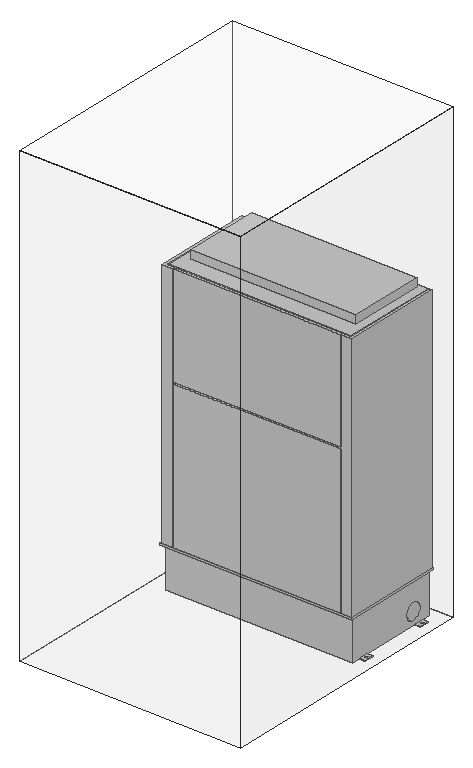
Revit family "pfav-p280_560dmwj_50Hz", category 機械設備, Revit 2019
Family settings
  丸型コネクタ寸法 = 直径を使用
  パーツ タイプ = 標準
  OmniClass 番号 = 23.75.10.24.21.27.27
  OmniClass タイトル = Split System Air Conditioning Units
  作業面ベース = いいえ
  常に垂直 = はい
  ロード時にボイドで切り取り = いいえ
  共有 = いいえ
  部屋計算ポイント = いいえ
Parameters (values of type "PFAV-P280DMWJ")
  風量（m3／min） = 70
  風量 = MAX風量  # 4200 m³/h
  音響パワーレベル(dB) = 68
  電源種別 = ""
  電圧_電気ヒーター = 0 V
  電圧 = 200 V
  電動機出力_送風機 = 1200.000 W
  電動機出力_圧縮機 = 6460.000 W
  運転質量 = 0.00 kg
  連動 = ""
  質量 = if(製品質量 > 運転質量, 製品質量, 運転質量) * 1.2  # 286.80 kg
  負荷分類 = 3_ファン類
  説明 = "設備用パッケージエアコン 空冷床置形・冷暖兼用 ユニット内洗浄可能シリーズ"
  設計暖房能力 [instance] = 0 kW
  設計冷房能力_顕熱 [instance] = 0 kW
  設計冷房能力 [instance] = 0 kW
  設置方法 = "床置立形"
  記号 [instance] = ""
  製造元 = "三菱電機株式会社"
  製品質量 = 239.00 kg
  製品出荷対象 = "国内"
  製品リリース年月 = "2023年06月30日"
  製品グループ = ""
  系統 [instance] = ""
  符号 = "PAC-FRV"
  積算_科目 = "1 空気調和設備"
  積算_拾い区分 [instance] = ""
  相 = 3
  盤記号 [instance] = ""
  発停方法 = ""
  特殊仕様 [instance] = ""
  火災停止 = ""
  消費電力_電気ヒーター = 0.000 W
  消費電力_暖房 = 490.000 W
  消費電力_加湿器 = 0.000 W
  消費電力_冷房 = 490.000 W
  消費電力 = if(消費電力_冷房 > 消費電力_暖房, 消費電力_冷房, 消費電力_暖房) + 消費電力_加湿器 + 消費電力_電気ヒーター  # 490.000 W
  法定耐用年数 = "15"
  機械基礎質量 [instance] = 0.00 kg
  機械基礎_W = 0.00 mm
  機械基礎_H = 0.00 mm
  機械基礎_D = 0.00 mm
  機械基礎 [instance] = no
  機外静圧 = 30.0 Pa
  極数 = 3
  材質 [instance] = ""
  本体マテリアル = none
  有効加湿量 = 0
  最小電線太さ_mm = 1.6
  最大電流値 = 4.7 A
  暖房能力 = 28 kW
  推奨ブレーカー容量 = 15 A
  形式_加湿器 = ""
  形式 = "床置（露出）立形"
  形名 = PFAV-P-DMWJ : PFAV-P280DMWJ
  幹線記号 [instance] = ""
  始動方式 = "直入"
  呼称 = "パッケージ形空気調和機_室内機"
  周波数 = 50 Hz
  台数_手元リモコン [instance] = ""
  台数_冷媒分岐ユニット [instance] = ""
  参照している仕様書等のバージョン = "公共建築工事標準仕様書（機械設備工事編）平成31年度版"
  加湿給水管径 = 0.00 mm
  分類コード = "50053003020020"
  分類グループ = ""
  冷房能力 = 25 kW
  冷媒高低圧ガス管径 = 0.00 mm
  冷媒管径符号 = "Bf"
  冷媒管径 = 100.00 mm
  冷媒液管径 = 9.52 mm
  冷媒ガス管径 = 22.20 mm
  価格 = 0
  企業コード = "108420"
  付属品_フィルター = ""
  付属品 [instance] = ""
  仕様書バージョン = "Version1.0"
  モデル = "PFAV-P280DMWJ"
  ドレン管径 = 48.60 mm
  ダクト高 = 484 mm
  ダクト幅 = 1050 mm
  サービススペース = yes
  コメント [instance] = ""
  Keynote = ""
  Width = 1200.00 mm
  Version = ""
  Uniclass2015Version = "Systems v1.9"
  Uniclass2015Title = "Split coil remote air cooled condensing units"
  Uniclass2015Code = "Pr_70_65_03_84"
  URL = "https://www.mitsubishielectric.co.jp/ldg/wink/ssl/displayProduct.do?pid=326773&ccd"
  S寸法 = 150.00 mm
  SpecificationReference = ""
  SpecificationDescription = ""
  Revision = ""
  ProductInformation = ""
  OmniClassCode = "23-33 17 13 11"
  MAX風量 = 風量（m3／min） * 60 m³/h  # 4200 m³/h
  IfcTypeProduct = ""
  IfcProduct = ""
  IfcExportType = "AIRCONDITIONINGUNIT"
  IfcExportAs = "IfcUnitaryEquipmentType"
  Height = 1900.00 mm
  Depth = 635.00 mm
  Clearance Top = 1000.00 mm
  Clearance Right = 100.00 mm
  Clearance Left = 100.00 mm
  Clearance Front = 1000.00 mm
  Clearance Back = 50.00 mm
  COP = 0
  Author = "三菱電機株式会社"
  APF = 0
Types (2, lengths in mm): name | 風量（m3／min） | 風量 | 音響パワーレベル(dB) | 電動機出力_送風機 | 電動機出力_圧縮機 | 質量 | 製品質量 | 消費電力_暖房 | 消費電力_冷房 | 消費電力 | 最大電流値 | 暖房能力 | 形名 | 冷房能力 | 冷媒管径符号 | 冷媒液管径 | 冷媒ガス管径 | モデル | ダクト高 | ダクト幅 | Width | URL | MAX風量
  PFAV-P280DMWJ | 70 | 4200 m³/h | 68 | 1200.000 W | 6460.000 W | 286.80 kg | 239.00 kg | 490.000 W | 490.000 W | 490.000 W | 4.7 A | 28 kW | PFAV-P-DMWJ : PFAV-P280DMWJ | 25 kW | "Bf" | 9.52 | 22.20 | "PFAV-P280DMWJ" | 484 | 1050 | 1200.00 | "https://www.mitsubishielectric.co.jp/ldg/wink/ssl/displayProduct.do?pid=326773&ccd" | 4200 m³/h
  PFAV-P560DMWJ | 165 | 9900 m³/h | 76 | 2400.000 W | 12700.000 W | 404.40 kg | 337.00 kg | 1580.000 W | 1580.000 W | 1580.000 W | 8.7 A | 56 kW | PFAV-P-DMWJ : PFAV-P560DMWJ | 50 kW | "Dh" | 15.88 | 28.58 | "PFAV-P560DMWJ" | 485 | 1257 | 1720.00 | "https://www.mitsubishielectric.co.jp/ldg/wink/ssl/displayProduct.do?pid=326774&ccd" | 9900 m³/h
Reference planes
  plane 1: z = 0
  plane 2 "上": z = 1802
  plane 3: z = 1900
  plane 4: z = 0
  plane 5: z = 2900
  plane 6 "中心(正面/背面)": y = -317.5
  plane 7 "中心(左/右)": x = 0
  plane 8 "左": x = -600
  plane 9 "右": x = 600
  plane 10 "正面": y = -635
  plane 11 "背面": y = 0
  plane 12: y = 150
  plane 13: x = -750
  plane 14: y = -785
  plane 15: y = 50
  plane 16: y = -1635
  plane 17: x = -700
  plane 18: x = 700
  plane 19: x = 750
Dimensions and locks
  locked: plane 3 to plane 2 "上" at 98
  "Height": plane 3 to plane 4
  "Clearance Top": plane 5 to plane 3
  "機械基礎_H": plane 4 to plane 1
  equal spacing: plane 8 "左", plane 7 "中心(左/右)", plane 9 "右"
  "Width": plane 8 "左" to plane 9 "右"
  equal spacing: plane 10 "正面", plane 6 "中心(正面/背面)", plane 11 "背面"
  "Depth": plane 10 "正面" to plane 11 "背面"
  "Clearance Left": plane 17 to plane 8 "左"
  "Clearance Right": plane 9 "右" to plane 18
  "Clearance Front": plane 16 to plane 10 "正面"
  "Clearance Back": plane 11 "背面" to plane 15
  aligned and locked: level to plane 1
  aligned and locked: plane 18 to nested 1
  aligned and locked: plane 16 to nested 1
  aligned and locked: nested 1 to plane 17
  aligned and locked: nested 1 to plane 15
  aligned and locked: plane 7 "中心(左/右)" to nested 2
  aligned and locked: plane 6 "中心(正面/背面)" to nested 2
  aligned and locked: plane 5 to nested 1
  aligned and locked: plane 4 to nested 2
Nested families
  nested 1: "サービススペース（pfav-p224_560dme3）" at (0, -792.5, 1450), visible <- "サービススペース", type "サービススペース（pfav-p224_560dme3）"
    with Width 1400.00 mm, Height 2900.00 mm, Depth 1685.00 mm
  nested 2: "PFAV-P-DMWJ" at (0, -317.5, 0), マテリアル1 <- "本体マテリアル", type <- "形名", type "PFAV-P280DMWJ"
    with 表示 yes, マテリアル2 none, マテリアル1 none
Connectors
  piping at (593.5, -138, 81.5), diameter 100, driven by "冷媒管径", driven by "冷媒管径符号"
    settings: on nested 2, index 3, connector inside diameter 609.60 mm, connector length 0.00 mm, flow factor 0, pipe flow 0.0 L/s, pressure drop 0.0 Pa, fitting loss kfactor 0, connector angle 0.00°, fixture units 0, engagement length 0.00 mm, angle of deflection 0.00°, flow configuration 1, flow direction 1, fitting loss method 4, system type 7, joint type 0, gender type 0, connector reference index -1, connector utility 0, adjustable connector no, is connector primary yes, connector description "Bf"
  electrical at (600, -317.5, 1055), driven by "極数", driven by "負荷分類", driven by "電圧", driven by "消費電力"
    settings: on nested 2, index 6, voltage 200 V, apparent load 490 VA, apparent load phase1 0 VA, apparent load phase2 0 VA, apparent load phase3 0 VA, power factor 1, load classification "3_ファン類", number of poles 3, system type 30, power factor state 1, is connector primary yes, connector utility no, sub classification motor no, connector description ""
  hvac at (0, -262, 1900), driven by "ダクト幅", driven by "ダクト高", driven by "風量", driven by "機外静圧"
    settings: on nested 2, index 7, duct flow 4200 m³/h, flow factor 0, pres drop 30.0 Pa, loss coef 0, conn angle 0.00°, conn width 484 mm, conn height 1050 mm, conn diameter 609.6 mm, duct sys type 1, conn prof type 1, flow config 1, flow direction 2, loss method 4, conn ref index -1, conn util no, is conn primary yes, conn desc ""
  piping at (-593.5, -138, 81.5), diameter 100, driven by "冷媒管径符号", driven by "冷媒管径"
    settings: on nested 2, index 9, connector inside diameter 609.60 mm, connector length 0.00 mm, flow factor 0, pipe flow 0.0 L/s, pressure drop 0.0 Pa, fitting loss kfactor 0, connector angle 0.00°, fixture units 0, engagement length 0.00 mm, angle of deflection 0.00°, flow configuration 1, flow direction 1, fitting loss method 4, system type 7, joint type 0, gender type 0, connector reference index -1, connector utility 0, adjustable connector no, is connector primary no, connector description "Bf"
  piping at (-593.5, -310, 109), diameter 48.6, driven by "ドレン管径"
    settings: on nested 2, index 10, connector inside diameter 609.60 mm, connector length 0.00 mm, flow factor 0, pipe flow 0.0 L/s, pressure drop 0.0 Pa, fitting loss kfactor 0, connector angle 0.00°, fixture units 0, engagement length 0.00 mm, angle of deflection 0.00°, flow configuration 1, flow direction 2, fitting loss method 4, system type 16, joint type 0, gender type 0, connector reference index -1, connector utility 0, adjustable connector no, is connector primary no, connector description ""
Definition of nested family "サービススペース（pfav-p224_560dme3）"
  Parameters (values of type "サービススペース")
    Width [instance] = 500.00 mm
    Height [instance] = 500.00 mm
    Depth [instance] = 500.00 mm
  Reference planes
    plane 1 "中心(正面/背面)": y = 0
    plane 2: z = 0
    plane 3 "中心(左/右)": x = 0
    plane 4: y = -250
    plane 5: x = 250
    plane 6: y = 250
    plane 7: x = -250
    plane 8: z = 250
    plane 9: z = -250
  Forms (mm)
    Extrusion 1, solid
      sketch origin (-638.939, 0, 72.39) x (1, 0, 0) y (0, 1, 0)
        loop
          line (388.939, 250) -> (388.939, -250) -> (888.939, -250) -> (888.939, 250) -> (388.939, 250)
      from -322.39 to 177.61
  Lines and regions (mm)
    symbolic lines
      curve 1: line (-250, 0, 250) -> (250, 0, 250)
      curve 2: line (-250, 0, -250) -> (-250, 0, 250)
      curve 3: line (250, 0, -250) -> (-250, 0, -250)
      curve 4: line (250, 0, 250) -> (250, 0, -250)
      curve 5: line (0, -250, 250) -> (0, 250, 250)
      curve 6: line (0, -250, -250) -> (0, -250, 250)
      curve 7: line (0, 250, -250) -> (0, -250, -250)
      curve 8: line (0, 250, 250) -> (0, 250, -250)
      curve 9: line (-250, 250, 0) -> (250, 250, 0)
      curve 10: line (-250, -250, 0) -> (-250, 250, 0)
      curve 11: line (250, -250, 0) -> (-250, -250, 0)
      curve 12: line (250, 250, 0) -> (250, -250, 0)
  Dimensions and locks
    equal spacing: plane 7, plane 3 "中心(左/右)", plane 5
    equal spacing: plane 4, plane 1 "中心(正面/背面)", plane 6
    "Depth": plane 4 to plane 6
    "Width": plane 7 to plane 5
    equal spacing: plane 8, plane 2, plane 9
    "Height": plane 8 to plane 9
    aligned and locked: plane 9 to curve 3
    aligned and locked: plane 7 to curve 2
    aligned and locked: curve 4 to plane 5
    aligned and locked: plane 5 to Extrusion 1
    aligned and locked: Extrusion 1 to plane 7
    aligned and locked: Extrusion 1 to plane 9
    aligned and locked: plane 8 to Extrusion 1
    aligned and locked: plane 9 to curve 7
  Automatic sketch dimensions
    plane 4 to Extrusion 1 sketch curve = 0.00 mm
    Extrusion 1 sketch curve to plane 7 = 0.00 mm
    Extrusion 1 sketch curve to plane 5 = 0.00 mm
    plane 6 to Extrusion 1 sketch curve = 0.00 mm
    curve 2 to plane 8 = 0.00 mm
    plane 4 to curve 11 = 0.00 mm
    curve 11 to plane 7 = 0.00 mm
    curve 11 to plane 5 = 0.00 mm
    plane 6 to curve 10 = 0.00 mm
    curve 7 to plane 4 = 0.00 mm
    curve 7 to plane 6 = 0.00 mm
    curve 6 to plane 8 = 0.00 mm
Definition of nested family "PFAV-P-DMWJ"
  Parameters (values of type "PFAV-P280DMWJ")
    液径 = 9.52 mm
    液-W = 0.00 mm
    液-H = 225.00 mm
    液-D = 185.00 mm
    高 = 1850.00 mm
    電源径 = 43.00 mm
    電源-W = 0.00 mm
    電源-H = 90.00 mm
    電源-D = 385.00 mm
    表示 [instance] = yes
    最外形-幅 = 1261.00 mm
    幅 = 1200.00 mm
    奥行 = 635.00 mm
    吊りボルト径 = 14.00 mm
    吊りボルト-W = 1230.00 mm
    吊りボルト-D = 440.00 mm
    吊りボルト-H = 0.00 mm
    加湿給水管径 = 27.00 mm
    加湿給水-W = 365.00 mm
    加湿給水-H = 520.00 mm
    加湿給水-D = 0.00 mm
    冷媒径 = 100.00 mm
    ガス径 = 19.05 mm
    ガス-W = 0.00 mm
    ガス-H = 215.00 mm
    ガス-D = 107.00 mm
    マテリアル2 [instance] = none
    マテリアル1 [instance] = none
    ドレン径 = 48.60 mm
    ドレン-W = 0.00 mm
    ドレン-H = 117.00 mm
    ドレン-D = 310.00 mm
    w = 1050.00 mm
    h = 50.00 mm
    d = 484.00 mm
    b = 75.00 mm
    a = 19.00 mm
    P560 = no
    P280 = yes
  Types (2, lengths in mm): name | 液径 | 液-H | 液-D | 電源径 | 電源-H | 電源-D | 最外形-幅 | 幅 | 吊りボルト-W | 加湿給水-W | 加湿給水-H | ガス径 | ガス-H | ガス-D | w | d | b | a | P560 | P280
    PFAV-P560DMWJ | 12.70 | 296.00 | 118.00 | 52.00 | 100.00 | 530.00 | 1781.00 | 1720.00 | 1750.00 | 438.00 | 680.00 | 28.58 | 296.00 | 238.00 | 1257.00 | 485.00 | 82.00 | 21.00 | yes | no
    PFAV-P280DMWJ | 9.52 | 225.00 | 185.00 | 43.00 | 90.00 | 385.00 | 1261.00 | 1200.00 | 1230.00 | 365.00 | 520.00 | 19.05 | 215.00 | 107.00 | 1050.00 | 484.00 | 75.00 | 19.00 | no | yes
  Reference planes
    plane 1 "中心(正面/背面)": y = 0
    plane 2: z = 0
    plane 3 "中心(左/右)": x = 0
    plane 4: x = 600
    plane 5: x = -600
    plane 6: y = 317.5
    plane 7: y = -317.5
    plane 8: z = 1900
    plane 9: z = 1850
    plane 10: z = 260
    plane 11: y = 235.5
    plane 12: x = 615
    plane 13: x = -615
    plane 14: y = -237.5
    plane 15: z = 117
    plane 16: z = 90
    plane 17: y = 132.5
    plane 18: z = 225
    plane 19: z = 215
    plane 20: x = 580
    plane 21: x = -580
    plane 22: y = -297.5
    plane 23: x = -530
    plane 24: x = 530
    plane 25: y = -314.5
    plane 26: y = 297.5
    plane 27: z = 5
    plane 28: x = 525
    plane 29: x = -525
    plane 30: y = -206.5
    plane 31: y = -186.5
    plane 32: y = 7.5
    plane 33: y = -67.5
    plane 34: x = 603
    plane 35: y = 171.5
    plane 36: z = 220
    plane 37: y = -47.5
    plane 38: z = 1200
    plane 39: z = 1210
    plane 40: x = -590.5
    plane 41: x = 590.5
    plane 42: x = -630.5
    plane 43: x = 630.5
    plane 44: y = 310
    plane 45: y = -296
    plane 46: y = 179.5
    plane 47: z = 81.5
    plane 48 "ドレン": z = 160
    plane 49 "58": y = -248
    plane 50 "60": y = -188
    plane 51 "380": y = 192
    plane 52: y = -229.5
    plane 53: y = 222
    plane 54: y = 252
    plane 55 "吹き出し-P280_1": x = -492
    plane 56 "吹き出し-P280_2": x = 492
    plane 57 "吹き出し-P560_2": x = 806
    plane 58 "吹き出し-P560_1": x = -736
    plane 59: y = -218
    plane 60 "6-L": x = -606
    plane 61 "6-R": x = 606
    plane 62: z = 270
    plane 63: y = 7.5
  Forms (mm)
    Extrusion 1, solid, material <- "マテリアル1", visible <- "表示", detail levels fine
      sketch origin (0, 0, -400) x (1, 0, 0) y (0, 1, 0)
        loop
          line (530, -297.5) -> (-530, -297.5) -> (-530, -317.5) -> (530, -317.5) -> (530, -297.5)
      from 1610 to 2250
    Extrusion 2, solid, material <- "マテリアル1", visible <- "表示", detail levels fine
      sketch origin (0, 0, -800) x (1, 0, 0) y (0, 1, 0)
        loop
          line (-530, -317.5) -> (530, -317.5) -> (530, -297.5) -> (-530, -297.5) -> (-530, -317.5)
      from 1060 to 2000
    Extrusion 3, solid, material <- "マテリアル2", visible <- "表示", detail levels fine
      sketch origin (0, 0, 0) x (1, 0, 0) y (0, 1, 0)
        loop
          line (590.5, 252) -> (590.5, 192) -> (630.5, 192) -> (630.5, 252) -> (590.5, 252)
        loop
          line (590.5, -188) -> (590.5, -248) -> (630.5, -248) -> (630.5, -188) -> (590.5, -188)
        loop
          line (-630.5, 252) -> (-630.5, 192) -> (-590.5, 192) -> (-590.5, 252) -> (-630.5, 252)
        loop
          line (-630.5, -188) -> (-630.5, -248) -> (-590.5, -248) -> (-590.5, -188) -> (-630.5, -188)
        loop
          circle (-615, 222) r 7
        loop
          circle (615, 222) r 7
        loop
          circle (615, -218) r 7
        loop
          circle (-615, -218) r 7
      from 0 to 5
    Extrusion 4, solid, material <- "マテリアル2", visible <- "表示", detail levels fine
      sketch origin (0, -1140, 0) x (0, -1, 0) y (1, 0, 0)
        loop
          line (-1437.5, 525) -> (-1437.5, -525) -> (-953.5, -525) -> (-953.5, 525) -> (-1437.5, 525)
      from 1850 to 1900
    Extrusion 5, solid, material <- "マテリアル1", visible <- "表示", detail levels fine
      sketch origin (-1437.329, -1524, 1900) x (-1, 0, 0) y (0, -1, 0)
        loop
          line (-837.329, -1841.5) -> (-837.329, -1206.5) -> (-907.329, -1206.5) -> (-907.329, -1226.5) -> (-857.329, -1226.5) -> (-857.329, -1841.5) -> (-837.329, -1841.5)
        loop
          line (-2017.329, -1841.5) -> (-2017.329, -1226.5) -> (-1967.329, -1226.5) -> (-1967.329, -1206.5) -> (-2037.329, -1206.5) -> (-2037.329, -1841.5) -> (-2017.329, -1841.5)
      from -1640 to -50
    Extrusion 6, solid, material <- "マテリアル1", visible <- "表示", detail levels fine
      sketch origin (-1437.329, -1524, 1900) x (-1, 0, 0) y (0, -1, 0)
        loop
          line (-2017.329, -1841.5) -> (-857.329, -1841.5) -> (-857.329, -1226.5) -> (-2017.329, -1226.5) -> (-2017.329, -1841.5)
      from -1640 to -50
    Extrusion 7, solid, material <- "マテリアル2", visible <- "表示", detail levels fine
      sketch origin (-1437.329, -1524, 1900) x (-1, 0, 0) y (0, -1, 0)
        loop
          line (-846.829, -1834) -> (-846.829, -1228) -> (-2027.829, -1228) -> (-2027.829, -1834) -> (-846.829, -1834)
      from -1900 to -1640
    Extrusion 8, solid, material <- "マテリアル1", visible <- "表示", detail levels fine
      sketch origin (590.5, -296, 1900) x (0, 1, 0) y (0, 0, 1)
        loop
          circle (475.5, -1818.5) r 50
      from 0 to 3
    Extrusion 9, solid, detail levels fine
      sketch origin (-590.5, 310, 1900) x (0, -1, 0) y (0, 0, 1)
        loop
          circle (130.5, -1818.5) r 50
      from 0 to 3
    Extrusion 10, solid, detail levels fine
      sketch origin (-1437.329, -1524, 260) x (-1, 0, 0) y (0, -1, 0)
        loop
          line (-831.329, -1847.5) -> (-831.329, -1200.5) -> (-2043.329, -1200.5) -> (-2043.329, -1847.5) -> (-831.329, -1847.5)
      from 0 to 10
    Extrusion 11, solid, detail levels fine
      sketch origin (-590.5, 310, 1892) x (0, -1, 0) y (0, 0, 1)
        loop
          circle (302.5, -1783) r 24.3
      from 0 to 3
  Lines and regions (mm)
    Masking region 1, visible <- "表示", detail levels coarse+medium
      outline origin (0, 0, 0) x (1, 0, 0) y (0, 1, 0)
        loop
          line (-600, 317.5) -> (-600, -317.5) -> (600, -317.5) -> (600, 317.5) -> (-600, 317.5)
    symbolic lines, visible <- "表示"
      curve 1: line (-600, 317.5, 1900) -> (-600, -317.5, 1900)
      curve 2: line (-600, -317.5, 1900) -> (600, -317.5, 1900)
      curve 3: line (600, -317.5, 1900) -> (600, 317.5, 1900)
      curve 4: line (600, 317.5, 1900) -> (-600, 317.5, 1900)
    model lines, visible <- "表示", detail levels fine
      curve 5: line (530, -317.5, 427) -> (-530, -317.5, 427)
      curve 6: line (530, -317.5, 488) -> (-530, -317.5, 488)
      curve 7: line (530, -317.5, 549) -> (-530, -317.5, 549)
      curve 8: line (530, -317.5, 610) -> (-530, -317.5, 610)
      curve 9: line (530, -317.5, 671) -> (-530, -317.5, 671)
      curve 10: line (530, -317.5, 732) -> (-530, -317.5, 732)
      curve 11: line (530, -317.5, 793) -> (-530, -317.5, 793)
      curve 12: line (530, -317.5, 854) -> (-530, -317.5, 854)
      curve 13: line (530, -317.5, 915) -> (-530, -317.5, 915)
      curve 14: line (530, -317.5, 976) -> (-530, -317.5, 976)
      curve 15: line (530, -317.5, 1037) -> (-530, -317.5, 1037)
      curve 25: line (530, -317.5, 366) -> (-530, -317.5, 366)
    model lines, visible <- "P560", detail levels fine
      curve 16: line (-476, -317.5, 1037) -> (-476, -317.5, 366)
      curve 17: line (-292, -317.5, 1037) -> (-292, -317.5, 366)
      curve 18: line (-108, -317.5, 1037) -> (-108, -317.5, 366)
      curve 19: line (76, -317.5, 1037) -> (76, -317.5, 366)
      curve 20: line (260, -317.5, 1037) -> (260, -317.5, 366)
      curve 21: line (444, -317.5, 1037) -> (444, -317.5, 366)
      curve 22: line (628, -317.5, 1037) -> (628, -317.5, 366)
      curve 23: line (812, -317.5, 1037) -> (812, -317.5, 366)
      curve 24: line (996, -317.5, 1037) -> (996, -317.5, 366)
    model lines, visible <- "P280", detail levels fine
      curve 26: line (-492, -317.5, 1037) -> (-492, -317.5, 366)
      curve 27: line (-295.2, -317.5, 1037) -> (-295.2, -317.5, 366)
      curve 28: line (-98.4, -317.5, 1037) -> (-98.4, -317.5, 366)
      curve 29: line (98.4, -317.5, 1037) -> (98.4, -317.5, 366)
      curve 30: line (295.2, -317.5, 1037) -> (295.2, -317.5, 366)
      curve 31: line (492, -317.5, 1037) -> (492, -317.5, 366)
  Dimensions and locks
    equal spacing: plane 7, plane 1 "中心(正面/背面)", plane 6
    "奥行": plane 7 to plane 6
    equal spacing: plane 5, plane 3 "中心(左/右)", plane 4
    "幅": plane 5 to plane 4
    locked: plane 10 to level at 260
    equal spacing: plane 13, plane 3 "中心(左/右)", plane 12
    "吊りボルト-W": plane 13 to plane 12
    locked: plane 7 to plane 14 at 80
    "ドレン-H": plane 15 to level
    "電源-H": plane 16 to level
    "液-H": plane 18 to level
    "ガス-H": plane 19 to level
    "h": plane 8 to plane 9
    locked: plane 5 to plane 21 at 20
    locked: plane 20 to plane 4 at 20
    locked: plane 7 to plane 22 at 20
    locked: plane 7 to plane 25 at 3
    locked: plane 27 to level at 5
    locked: plane 30 to plane 31 at 20
    "d": plane 31 to plane 26
    "高": plane 9 to level
    "液-D": plane 17 to plane 6
    "ドレン-D": plane 32 to plane 6
    "電源-D": plane 33 to plane 6
    locked: plane 4 to plane 34 at 3
    plane 17 to plane 35 = 39.00 mm
    equal spacing: plane 18, plane 36, plane 19
    "加湿給水-W": plane 37 to plane 6
    "最外形-幅": plane 42 to plane 43
    equal spacing: plane 42, plane 3 "中心(左/右)", plane 43
    "b": plane 28 to plane 4
    "w": plane 29 to plane 28
    locked: plane 24 to plane 20 at 50
    locked: plane 21 to plane 23 at 50
    equal spacing: curve 16, curve 17, curve 18, curve 19, curve 20, curve 21, curve 22, curve 23, curve 24
    equal spacing: curve 26, curve 27, curve 28, curve 29, curve 30, curve 31
    plane 11 to plane 6 = 82.00 mm
    locked: plane 42 to plane 60 "6-L" at 24.5
    locked: plane 61 "6-R" to plane 43 at 24.5
    Extrusion 7 to Extrusion 7 = 606.00 mm
    "吊りボルト径": diameter of Extrusion 3 sketch curve  (x4)
    "冷媒径": diameter of Extrusion 8 sketch curve
    diameter of Extrusion 9 sketch curve = 100.00 mm
    aligned and locked: level to plane 2
    aligned and locked: Extrusion 2 to plane 10
    aligned and locked: Extrusion 5 to plane 10
    aligned and locked: Extrusion 4 to plane 9
    aligned and locked: plane 9 to Extrusion 5
    aligned and locked: plane 9 to Extrusion 1
    aligned and locked: Extrusion 2 sketch curve to plane 22
    aligned and locked: Extrusion 5 sketch curve to plane 7
    aligned and locked: Extrusion 5 sketch curve to plane 23
    aligned and locked: Extrusion 5 sketch curve to plane 24
    aligned and locked: Extrusion 5 sketch curve to plane 20
    aligned and locked: plane 22 to Extrusion 5 sketch curve  (x2)
    aligned and locked: Extrusion 2 sketch curve to plane 23
    aligned and locked: Extrusion 2 sketch curve to plane 24
    aligned and locked: Extrusion 1 sketch curve to plane 24
    aligned and locked: Extrusion 1 sketch curve to plane 23
    aligned and locked: Extrusion 1 sketch curve to plane 22
    aligned and locked: Extrusion 6 sketch curve to plane 6
    aligned and locked: Extrusion 6 sketch curve to plane 21
    aligned and locked: Extrusion 6 sketch curve to plane 22
    aligned and locked: Extrusion 6 sketch curve to plane 20
    aligned and locked: plane 9 to Extrusion 6
    aligned and locked: Extrusion 6 to plane 10
    aligned and locked: Extrusion 3 to level
    aligned and locked: plane 27 to Extrusion 3
    aligned and locked: Extrusion 7 to level
    aligned and locked: plane 10 to Extrusion 7
    aligned and locked: Masking region 1 sketch curve to Extrusion 5
    aligned and locked: Masking region 1 sketch curve to plane 7
    aligned and locked: Masking region 1 sketch curve to plane 4
    aligned and locked: curve 4 to Masking region 1
    aligned and locked: plane 8 to Extrusion 4
    aligned and locked: Extrusion 7 sketch curve to plane 44
    aligned and locked: Extrusion 7 sketch curve to plane 45
    aligned and locked: plane 53 to Extrusion 3 sketch curve  (x2)
    aligned and locked: plane 51 "380" to Extrusion 3 sketch curve  (x2)
    aligned and locked: Extrusion 10 to plane 60 "6-L"
    aligned and locked: Extrusion 10 to plane 61 "6-R"
    aligned and locked: plane 60 "6-L" to Extrusion 10 sketch curve
    aligned and locked: plane 61 "6-R" to Extrusion 10 sketch curve
    aligned and locked: Extrusion 1 sketch curve to plane 7
    aligned and locked: plane 7 to Extrusion 2 sketch curve
    aligned and locked: nested 1 to plane 59
    aligned and locked: plane 53 to nested 1
    aligned and locked: plane 13 to nested 1
    aligned and locked: plane 12 to nested 1
  Automatic sketch dimensions
    plane 7 to curve 2 = 0.00 mm
    plane 6 to Extrusion 5 sketch curve = 0.00 mm  (x2)
    Extrusion 5 sketch curve to plane 21 = 0.00 mm
    Extrusion 5 sketch curve to plane 5 = 0.00 mm
    plane 6 to Masking region 1 sketch curve = 0.00 mm
    Extrusion 7 sketch curve to plane 4 = 9.50 mm
    plane 5 to Extrusion 7 sketch curve = 9.50 mm
    curve 3 to plane 4 = 0.00 mm
    curve 2 to plane 5 = 0.00 mm
    plane 31 to Extrusion 4 sketch curve = 0.00 mm
    Extrusion 4 sketch curve to plane 28 = 0.00 mm
    plane 26 to Extrusion 4 sketch curve = 0.00 mm
    Extrusion 4 sketch curve to plane 29 = 0.00 mm
    plane 22 to Extrusion 2 sketch curve = 0.00 mm
    plane 7 to Extrusion 5 sketch curve = 0.00 mm
    Extrusion 5 sketch curve to plane 4 = 0.00 mm
    Extrusion 10 sketch curve to plane 6 = 6.00 mm
    plane 7 to Extrusion 10 sketch curve = 6.00 mm
    Extrusion 7 to Extrusion 9 sketch curve = 130.50 mm
    Extrusion 7 to Extrusion 9 sketch curve = 81.50 mm
    Extrusion 2 to curve 25 = 0.00 mm
    Extrusion 2 to curve 5 = 0.00 mm
    Extrusion 2 to curve 14 = 0.00 mm
    Extrusion 2 to curve 6 = 0.00 mm
    Extrusion 2 to curve 13 = 0.00 mm
    Extrusion 2 to curve 7 = 0.00 mm
    Extrusion 2 to curve 12 = 0.00 mm
    Extrusion 2 to curve 8 = 0.00 mm
    Extrusion 2 to curve 11 = 0.00 mm
    Extrusion 2 to curve 9 = 0.00 mm
    Extrusion 2 to curve 10 = 0.00 mm
    Extrusion 2 to curve 15 = 0.00 mm
    curve 11 to Extrusion 2 = 0.00 mm
    curve 9 to Extrusion 2 = 0.00 mm
    curve 12 to Extrusion 2 = 0.00 mm
    curve 8 to Extrusion 2 = 0.00 mm
    curve 13 to Extrusion 2 = 0.00 mm
    curve 7 to Extrusion 2 = 0.00 mm
    curve 14 to Extrusion 2 = 0.00 mm
    curve 6 to Extrusion 2 = 0.00 mm
    curve 15 to Extrusion 2 = 0.00 mm
    curve 10 to Extrusion 2 = 0.00 mm
    curve 25 to Extrusion 2 = 0.00 mm
    curve 5 to Extrusion 2 = 0.00 mm
    curve 25 to curve 5 = 61.00 mm
    curve 5 to curve 6 = 61.00 mm
    curve 6 to curve 7 = 61.00 mm
    curve 7 to curve 8 = 61.00 mm
    curve 8 to curve 9 = 61.00 mm
    curve 9 to curve 10 = 61.00 mm
    curve 10 to curve 11 = 61.00 mm
    curve 11 to curve 12 = 61.00 mm
    curve 12 to curve 13 = 61.00 mm
    curve 13 to curve 14 = 61.00 mm
    curve 14 to curve 15 = 61.00 mm
    Extrusion 2 to curve 28 = 106.00 mm
    curve 16 to Extrusion 2 = 54.00 mm
    curve 16 to curve 17 = 184.00 mm
    curve 26 to curve 17 = 200.00 mm
    curve 27 to curve 18 = 187.20 mm
    Extrusion 7 to Extrusion 11 sketch curve = 109.00 mm
    Extrusion 7 to Extrusion 11 sketch curve = 302.50 mm
    Extrusion 3 sketch curve to plane 42 = 0.00 mm  (x2)
    Extrusion 3 sketch curve to plane 13 = 0.00 mm  (x2)
    Extrusion 3 sketch curve to plane 51 "380" = 0.00 mm
    Extrusion 3 sketch curve to plane 50 "60" = 0.00 mm  (x2)
    Extrusion 3 sketch curve to plane 49 "58" = 0.00 mm  (x2)
    Extrusion 3 sketch curve to plane 54 = 0.00 mm  (x2)
    Extrusion 3 sketch curve to plane 12 = 0.00 mm  (x2)
    Extrusion 3 sketch curve to plane 43 = 0.00 mm  (x2)
    Extrusion 3 sketch curve to plane 59 = 0.00 mm  (x2)
    plane 5 to Extrusion 3 sketch curve = 9.50 mm  (x2)
    Extrusion 3 sketch curve to plane 4 = 9.50 mm  (x2)
    Extrusion 8 sketch curve to Extrusion 7 = 130.50 mm
    Extrusion 7 to Extrusion 8 sketch curve = 81.50 mm
    radius of Extrusion 11 sketch curve = 24.30 mm
  Nested families
    nested 1: "固定点" at (-615, -218, 0), type "固定点"
      with W 1230.00 mm, D 440.00 mm
  Definition of nested family "固定点"
    Parameters (values of type "固定点")
      中心円 = 14.00 mm
      W [instance] = 1000.00 mm
      D [instance] = 1000.00 mm
    Reference planes
      plane 1 "中心(正面/背面)": y = 0
      plane 2: z = 0
      plane 3 "中心(左/右)": x = 0
      plane 4: x = 1000
      plane 5: y = 1000
    Lines and regions (mm)
      symbolic lines, detail levels fine
        curve 1: circle (0, 1000, 0) r 7 normal (0, 0, 1)
        curve 2: circle (0, 0, 0) r 7 normal (0, 0, 1)
        curve 3: circle (1000, 1000, 0) r 7 normal (0, 0, 1)
        curve 4: circle (1000, 0, 0) r 7 normal (0, 0, 1)
        curve 5: line (-200, 1000, 0) -> (1200, 1000, 0)
        curve 6: line (-200, 0, 0) -> (1200, 0, 0)
        curve 7: line (0, 1200, 0) -> (0, -200, 0)
        curve 8: line (1000, 1200, 0) -> (1000, -200, 0)
    Dimensions and locks
      "W": plane 3 "中心(左/右)" to plane 4
      "D": plane 1 "中心(正面/背面)" to plane 5
      "中心円": diameter of curve 1
      "中心円": diameter of curve 2
      "中心円": diameter of curve 3
      "中心円": diameter of curve 4
      aligned and locked: level to plane 2
      aligned and locked: plane 5 to curve 1
      aligned and locked: plane 3 "中心(左/右)" to curve 1
      aligned and locked: plane 3 "中心(左/右)" to curve 2
      aligned and locked: plane 1 "中心(正面/背面)" to curve 2
      aligned and locked: plane 4 to curve 3
      aligned and locked: plane 5 to curve 3
      aligned and locked: plane 1 "中心(正面/背面)" to curve 4
      aligned and locked: plane 4 to curve 4
      aligned and locked: plane 1 "中心(正面/背面)" to curve 6
      aligned and locked: curve 7 to plane 3 "中心(左/右)"
      aligned and locked: curve 8 to plane 4
    Automatic sketch dimensions
      curve 5 to plane 5 = 0.00 mm
      curve 6 to plane 3 "中心(左/右)" = 200.00 mm
      curve 5 to plane 3 "中心(左/右)" = 200.00 mm
      curve 4 to curve 6 = 200.00 mm
      curve 3 to curve 5 = 200.00 mm
      plane 1 "中心(正面/背面)" to curve 8 = 200.00 mm
      plane 1 "中心(正面/背面)" to curve 7 = 200.00 mm
      curve 3 to curve 8 = 200.00 mm
      curve 1 to curve 7 = 200.00 mm
